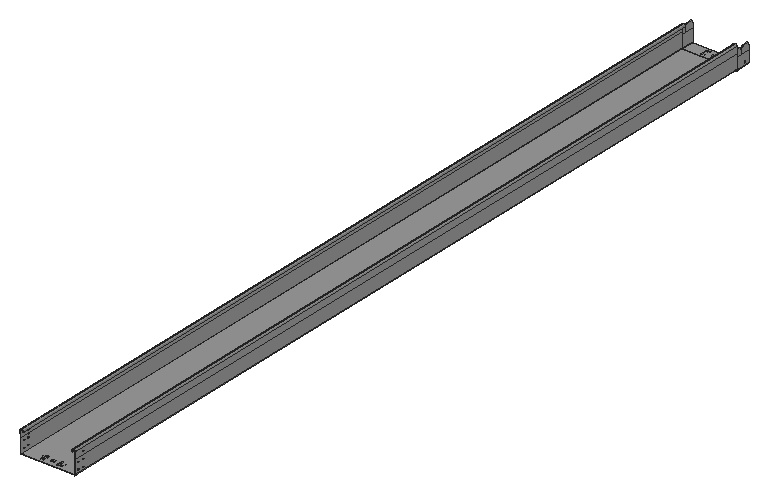
Revit family "SKSMUKabelrinne SKS-Magic® 85 ungelocht FS_FT_820", category Generic Models, Revit 2017
Family settings
  Can host rebar = No
  Round Connector Dimension = Use Diameter
  Part Type = Normal
  Work Plane-Based = No
  Always vertical = Yes
  Cut with Voids When Loaded = No
  Shared = No
  Room Calculation Point = No
Parameters (values of type "SKSMU 820 FT")
  Width 2 = 6.5 mm
  Width 1 = Width / 2  # 100 mm
  Width = 200 mm
  URL = "http://www.obo-bettermann.com"
  Material = Hot-dip galvanised
  Manufacturer Art.No. = "6059783"
  Manufacturer = "OBO BETTERMANN"
  Length 2 = 49.812 mm
  Length 1 = 3000 mm
  Length = 3050 mm
  Height = 85 mm
  GTIN = "4012195833581"
  Cut's number = 2
  Article Type = "SKSMU 820 FT"
Types (3, lengths in mm): name | Material | Manufacturer Art.No. | GTIN | Article Type
  (no name) | Hot-dip galvanised | "6059783" | "4012195833581" | "SKSMU 820 FT"
  SKSMU 820 FS | Strip-galvanised | "6059766" | "4012195833468" | "SKSMU 820 FS"
  SKSMU 820 FT | Hot-dip galvanised | "6059783" | "4012195833581" | "SKSMU 820 FT"
Reference planes
  plane 1 "Center (Front/Back)": y = 0
  plane 2: z = 0
  plane 3 "Center (Left/Right)": x = 0
  plane 4: x = -31
  plane 5: x = 31
  plane 6: z = -3.5
  plane 7: y = 3050
  plane 8: z = -5.8
  plane 9: x = -31
  plane 10: x = 31
  plane 11: z = -5.8
  plane 12: x = 0.74
  plane 13: y = 3024.58
  plane 14: y = 3024.58
  plane 15: x = -31
  plane 16: x = 31
  plane 17: x = 0
  plane 18: y = 3032.58
  plane 19: y = 3016.58
  plane 20 "2": x = -5
  plane 21 "1": y = 29.1
  plane 22: y = 21.1
  plane 23: x = 6
  plane 24: x = 6
  plane 25: x = -3
  plane 26: z = 83.7
  plane 27: z = -2.3
  plane 28: z = -2.3
  plane 29: z = 74.7
  plane 30: z = 71.45
  plane 31: z = 14
  plane 32: y = 14.7
  plane 33: z = 52.5
  plane 34: y = 35.85
  plane 35: z = 39
  plane 36: y = 14.7
  plane 37: z = 14
  plane 38: y = 35.533
  plane 39: z = 39
  plane 40: y = 35.533
  plane 41: z = 64
  plane 42: y = 35.533
  plane 43: y = 3035
  plane 44: z = 13.2
  plane 45: y = 3047
  plane 46: y = 3020
  plane 47: y = 3015
  plane 48: y = 3012
  plane 49: x = 104.99
Forms (mm)
  Extrusion 1, solid, material "Hot-dip galvanised" <- "Material"
    sketch origin (0, 0, 0) x (1, 0, 0) y (0, 0, 1)
      loop
        line (-97.715, 0) -> (97.503, 0)
        arc (97.503, 0) -> (99.269, 0.731) -> (100, 2.497) r 2.497
        line (100, 2.497) -> (100, 54.379) -> (100, 77.652)
        arc (100, 77.652) -> (94, 83.652) -> (88, 77.652) r 6
        line (88, 77.652) -> (88, 74.7) -> (89.5, 74.7) -> (89.5, 77.652)
        arc (89.5, 77.652) -> (94, 82.152) -> (98.5, 77.652) r 4.5
        line (98.5, 77.652) -> (98.5, 54.379) -> (98.5, 2.497)
        arc (98.5, 2.497) -> (98.208, 1.792) -> (97.503, 1.5) r 0.997
        line (97.503, 1.5) -> (-97.641, 1.5)
        arc (-97.641, 1.5) -> (-98.248, 1.752) -> (-98.5, 2.359) r 0.859
        line (-98.5, 2.359) -> (-98.5, 54.354) -> (-98.5, 77.765)
        arc (-98.5, 77.765) -> (-94, 82.265) -> (-89.5, 77.765) r 4.5
        line (-89.5, 77.765) -> (-89.5, 74.7) -> (-88.074, 74.7) -> (-88.074, 76.824)
        arc (-88.074, 76.824) -> (-93.528, 83.747) -> (-100, 77.765) r 6
        line (-100, 77.765) -> (-100, 54.354) -> (-100, 2.285)
        arc (-100, 2.285) -> (-99.331, 0.669) -> (-97.715, 0) r 2.285
    from 0 to -3000.188
  Extrusion 2, solid, material "Hot-dip galvanised" <- "Material"
    sketch origin (0, 0, 0) x (1, 0, 0) y (0, 0, 1)
      loop
        line (-100, 46.42) -> (-100, 71.48) -> (-102.3, 71.48) -> (-102.3, 46.45) -> (-102.3, 2.5)
        arc (-102.3, 2.5) -> (-100.894, -0.894) -> (-97.5, -2.3) r 4.8
        line (-97.5, -2.3) -> (97.5, -2.3)
        arc (97.5, -2.3) -> (100.894, -0.894) -> (102.3, 2.5) r 4.8
        line (102.3, 2.5) -> (102.3, 46.45) -> (102.3, 71.45) -> (100, 71.45) -> (100, 46.45) -> (100, 2.5)
        arc (100, 2.5) -> (99.268, 0.732) -> (97.5, 0) r 2.5
        line (97.5, 0) -> (-97.746, 0)
        arc (-97.746, 0) -> (-99.34, 0.66) -> (-100, 2.254) r 2.254
        line (-100, 2.254) -> (-100, 46.42)
    from -3050 to -3000.188
  Extrusion 3, solid
    sketch origin (0, 0, 0) x (1, 0, 0) y (0, 0, 1)
      loop
        line (-31.068, -5.761) -> (-21.09, 0) -> (-25.554, 0) -> (-31, -3.144) -> (-36.446, 0) -> (-41.046, 0) -> (-31.068, -5.761)
      loop
        line (31, -5.8) -> (41.046, 0) -> (36.446, 0) -> (31, -3.144) -> (25.554, 0) -> (20.954, 0) -> (31, -5.8)
    from -36.35 to -29.85
  Extrusion 4, solid
    sketch origin (0, 0, 0) x (1, 0, 0) y (0, 0, 1)
      loop
        line (-41.046, 0) -> (-31.068, -5.761) -> (-21.09, 0) -> (-25.554, 0) -> (-31, -3.144) -> (-36.446, 0) -> (-41.046, 0)
      loop
        line (20.954, 0) -> (31, -5.8) -> (41.046, 0) -> (36.446, 0) -> (31, -3.144) -> (25.554, 0) -> (20.954, 0)
    from -20.3 to -13.8
  Extrusion 5, void
    sketch origin (0, 0, 0) x (1, 0, 0) y (0, 1, 0)
      loop
        line (-36.446, 36.35) -> (-36.446, 29.85) -> (-25.554, 29.85) -> (-25.554, 36.35) -> (-36.446, 36.35)
      loop
        line (-36.446, 20.3) -> (-36.446, 13.8) -> (-25.554, 13.8) -> (-25.554, 20.3) -> (-36.446, 20.3)
      loop
        line (25.554, 36.35) -> (25.554, 29.85) -> (36.446, 29.85) -> (36.446, 36.35) -> (25.554, 36.35)
      loop
        line (25.554, 20.3) -> (25.554, 13.8) -> (36.446, 13.8) -> (36.446, 20.3) -> (25.554, 20.3)
    from 0 to 1.5
  Extrusion 6, void
    sketch origin (0, 0, 0) x (1, 0, 0) y (0, 1, 0)
      loop
        line (-7.26, 3028.08) -> (-7.26, 3021.08) -> (8.74, 3021.08) -> (8.74, 3028.08) -> (-7.26, 3028.08)
    from -2.3 to 0
  Extrusion 7, void
    sketch origin (0, 0, 0) x (1, 0, 0) y (0, 1, 0)
      loop
        line (23, 3036.38) -> (23, 3028.78) -> (39, 3028.78) -> (39, 3036.38) -> (23, 3036.38)
      loop
        line (23, 3020.341) -> (23, 3012.741) -> (39, 3012.741) -> (39, 3020.341) -> (23, 3020.341)
      loop
        line (-39, 3036.38) -> (-39, 3028.78) -> (-23, 3028.78) -> (-23, 3036.38) -> (-39, 3036.38)
      loop
        line (-39, 3020.341) -> (-39, 3012.741) -> (-23, 3012.741) -> (-23, 3020.341) -> (-39, 3020.341)
    from -2.3 to 0
  Extrusion 8, void
    sketch origin (0, 0, 0) x (1, 0, 0) y (0, 1, 0)
      loop
        arc (-6, 30.1) -> (-6.707, 29.807) -> (-7, 29.1) r 1
        line (-7, 29.1) -> (-7, 21.1)
        arc (-7, 21.1) -> (-6.707, 20.393) -> (-6, 20.1) r 1
        line (-6, 20.1) -> (6.045, 20.1)
        arc (6.045, 20.1) -> (7.064, 21.118) -> (6.045, 22.137) r 1.018
        line (6.045, 22.137) -> (-3.101, 23.098)
        arc (-3.101, 23.098) -> (-5, 25.276) -> (-2.758, 27.1) r 2.009
        line (-2.758, 27.1) -> (6.086, 28.111)
        arc (6.086, 28.111) -> (6.968, 29.159) -> (5.972, 30.1) r 0.997
        line (5.972, 30.1) -> (-6, 30.1)
    from 0 to 1.5
  Extrusion 9, void
    sketch origin (0, 0, 0) x (0, 1, 0) y (0, 0, 1)
      loop
        line (7.5, 17.5) -> (7.5, 10.5) -> (22.2, 10.5) -> (22.2, 17.5) -> (7.5, 17.5)
    from -100 to -98.5
  Extrusion 10, void
    sketch origin (0, 0, 0) x (0, 1, 0) y (0, 0, 1)
      loop
        line (39.85, 56.5) -> (31.85, 56.5) -> (31.85, 48.5) -> (39.85, 48.5) -> (39.85, 56.5)
    from -100 to -98.5
  Extrusion 11, void
    sketch origin (0, 0, 25) x (0, 1, 0) y (0, 0, 1)
      loop
        line (7.5, 17.5) -> (7.5, 10.5) -> (22.2, 10.5) -> (22.2, 17.5) -> (7.5, 17.5)
    from -100 to -98.5
  Extrusion 12, void
    sketch origin (0, 20.833, 0) x (0, 1, 0) y (0, 0, 1)
      loop
        line (7.5, 17.5) -> (7.5, 10.5) -> (22.2, 10.5) -> (22.2, 17.5) -> (7.5, 17.5)
    from -100 to -98.5
  Extrusion 13, void
    sketch origin (0, 20.833, 25) x (0, 1, 0) y (0, 0, 1)
      loop
        line (7.5, 17.5) -> (7.5, 10.5) -> (22.2, 10.5) -> (22.2, 17.5) -> (7.5, 17.5)
    from -100 to -98.5
  Extrusion 14, void
    sketch origin (0, 20.833, 50) x (0, 1, 0) y (0, 0, 1)
      loop
        line (7.5, 17.5) -> (7.5, 10.5) -> (22.2, 10.5) -> (22.2, 17.5) -> (7.5, 17.5)
    from -100 to -98.5
  Extrusion 15, void
    sketch origin (0, 0, 0) x (0, 1, 0) y (0, 0, 1)
      loop
        line (28.333, 67.5) -> (28.333, 60.5) -> (43.033, 60.5) -> (43.033, 67.5) -> (28.333, 67.5)
      loop
        line (7.5, 42.5) -> (7.5, 35.5) -> (22.2, 35.5) -> (22.2, 42.5) -> (7.5, 42.5)
      loop
        line (31.85, 56.5) -> (31.85, 48.5) -> (39.85, 48.5) -> (39.85, 56.5) -> (31.85, 56.5)
      loop
        line (28.333, 42.5) -> (28.333, 35.5) -> (43.033, 35.5) -> (43.033, 42.5) -> (28.333, 42.5)
      loop
        line (28.333, 17.5) -> (28.333, 10.5) -> (43.033, 10.5) -> (43.033, 17.5) -> (28.333, 17.5)
      loop
        line (7.5, 17.5) -> (7.5, 10.5) -> (22.2, 10.5) -> (22.2, 17.5) -> (7.5, 17.5)
    from 98.5 to 100
  Extrusion 16, void
    sketch origin (0, 0, 0) x (0, 1, 0) y (0, 0, 1)
      loop
        line (3031.5, 19.2) -> (3031.5, 7.2) -> (3038.5, 7.2) -> (3038.5, 19.2) -> (3031.5, 19.2)
    from -102.3 to -100
  Extrusion 17, void
    sketch origin (0, 0, 0) x (0, 1, 0) y (0, 0, 1)
      loop
        line (3047, 71.48) -> (3050, 63.238) -> (3050, 71.48) -> (3047, 71.48)
      loop
        line (3023.001, 71.48) -> (3000.188, 71.48) -> (3000.188, 68.942) -> (3012, 68.942) -> (3015, 60.699) -> (3015, 43.919) -> (3020, 43.919) -> (3020, 63.235) -> (3023.001, 71.48)
    from -102.3 to -100
  Extrusion 18, void
    sketch origin (0, 0, 0) x (0, 1, 0) y (0, 0, 1)
      loop
        line (3000.188, 71.45) -> (3000.188, 68.942) -> (3012, 68.942) -> (3015, 60.699) -> (3015, 43.919) -> (3020, 43.919) -> (3020, 63.235) -> (3022.99, 71.45) -> (3000.188, 71.45)
      loop
        line (3049.995, 71.45) -> (3046.927, 71.45) -> (3049.995, 63.02) -> (3049.995, 71.45)
      loop
        line (3031.5, 19.2) -> (3031.5, 7.2) -> (3038.5, 7.2) -> (3038.5, 19.2) -> (3031.5, 19.2)
    from 98.5 to 104.99
Cuts and joins
  Extrusion 5, Extrusion 8, Extrusion 9, Extrusion 10, Extrusion 11, Extrusion 12, Extrusion 13, Extrusion 14, Extrusion 15, Extrusion 17, Extrusion 18 cuts Extrusion 1
  Extrusion 6, Extrusion 7, Extrusion 16, Extrusion 17, Extrusion 18 cuts Extrusion 2
Dimensions and locks
  plane 3 "Center (Left/Right)" to plane 4 = 31 mm
  plane 5 to plane 3 "Center (Left/Right)" = 31 mm
  Extrusion 1 sketch curve to plane 6 = 3.5 mm
  "Width": Extrusion 1 sketch curve to Extrusion 1 sketch curve
  "Width 1": plane 3 "Center (Left/Right)" to Extrusion 1 sketch curve
  "Length": plane 1 "Center (Front/Back)" to plane 7
  locked: Extrusion 2 sketch curve to Extrusion 1 at 2.3  (x2)
  locked: Extrusion 2 to Extrusion 2 at 49.812
  locked: Extrusion 2 to plane 8 at 3.5
  locked: plane 3 "Center (Left/Right)" to plane 9 at 31
  locked: plane 10 to plane 3 "Center (Left/Right)" at 31
  "Width 2": Extrusion 3 to Extrusion 3
  locked: Extrusion 3 sketch curve to Extrusion 3 sketch curve at 2.232
  locked: Extrusion 3 sketch curve to Extrusion 3 sketch curve at 2.3  (x3)
  locked: Extrusion 3 to Extrusion 3 at 2.3  (x3)
  locked: Extrusion 3 to Extrusion 3 at 2.232
  locked: Extrusion 2 to plane 11 at 3.5
  locked: plane 3 "Center (Left/Right)" to Extrusion 4 sketch curve at 31.068
  locked: Extrusion 4 sketch curve to plane 3 "Center (Left/Right)" at 31
  "Width 2": Extrusion 4 to Extrusion 4
  locked: plane 7 to plane 13 at 25.42
  locked: Extrusion 6 sketch curve to Extrusion 6 sketch curve at 7
  locked: Extrusion 6 sketch curve to Extrusion 6 sketch curve at 16
  locked: plane 13 to Extrusion 6 sketch curve at 3.5
  locked: Extrusion 6 sketch curve to plane 12 at 8
  locked: plane 7 to plane 14 at 25.42
  locked: plane 15 to plane 17 at 31
  locked: plane 17 to plane 16 at 31
  locked: plane 18 to plane 14 at 8
  locked: plane 14 to plane 19 at 8
  locked: Extrusion 7 sketch curve to Extrusion 7 sketch curve at 7.6  (x2)
  locked: plane 18 to Extrusion 7 sketch curve at 3.8
  locked: Extrusion 7 sketch curve to Extrusion 7 sketch curve at 16  (x2)
  locked: plane 16 to Extrusion 7 sketch curve at 8
  locked: plane 19 to Extrusion 7 sketch curve at 3.761
  locked: plane 15 to Extrusion 7 sketch curve at 8
  locked: Extrusion 8 sketch curve to plane 3 "Center (Left/Right)" at 7
  locked: Extrusion 8 sketch curve to Extrusion 8 sketch curve at 10
  locked: Extrusion 8 sketch curve to Extrusion 8 sketch curve at 14.064
  locked: Extrusion 8 sketch curve to Extrusion 8 sketch curve at 13.97
  locked: Extrusion 8 sketch curve to plane 3 "Center (Left/Right)" at 5.007
  plane 26 to plane 28 = 86 mm
  locked: Extrusion 1 sketch curve to Extrusion 1 sketch curve at 11.926
  locked: Extrusion 1 sketch curve to Extrusion 1 sketch curve at 12
  locked: cut or joined group of Extrusion 2, Extrusion 6, Extrusion 7, Extrusion 16, Extrusion 17, Extrusion 18 to plane 30 at 73.75
  locked: Extrusion 9 sketch curve to Extrusion 9 sketch curve at 7
  locked: plane 31 to Extrusion 9 sketch curve at 3.5
  locked: plane 33 to level at 52.5
  locked: plane 34 to cut or joined group 1 (Extrusion 1, Extrusion 5, Extrusion 8, Extrusion 9, Extrusion 10, Extrusion 11, Extrusion 12, Extrusion 13, Extrusion 14, Extrusion 15, Extrusion 17, Extrusion 18) at 35.85
  locked: Extrusion 10 sketch curve to Extrusion 10 sketch curve at 8  (x2)
  locked: Extrusion 10 sketch curve to plane 34 at 4
  locked: plane 33 to Extrusion 10 sketch curve at 4
  locked: Extrusion 11 sketch curve to Extrusion 11 sketch curve at 7
  locked: plane 35 to Extrusion 11 sketch curve at 3.5
  locked: Extrusion 12 sketch curve to Extrusion 12 sketch curve at 7
  locked: plane 37 to Extrusion 12 sketch curve at 3.5
  locked: Extrusion 13 sketch curve to Extrusion 13 sketch curve at 7
  locked: plane 39 to Extrusion 13 sketch curve at 3.5
  locked: Extrusion 14 sketch curve to Extrusion 14 sketch curve at 7
  locked: plane 41 to Extrusion 14 sketch curve at 3.5
  locked: cut or joined group of Extrusion 2, Extrusion 6, Extrusion 7, Extrusion 16, Extrusion 17, Extrusion 18 to plane 44 at 15.5
  locked: plane 43 to cut or joined group of Extrusion 2, Extrusion 6, Extrusion 7, Extrusion 16, Extrusion 17, Extrusion 18 at 15
  locked: Extrusion 16 sketch curve to Extrusion 16 sketch curve at 12
  locked: plane 44 to Extrusion 16 sketch curve at 6
  locked: Extrusion 16 sketch curve to Extrusion 16 sketch curve at 7
  locked: Extrusion 16 sketch curve to plane 43 at 3.5
  plane 46 to plane 7 = 30 mm
  locked: plane 47 to Extrusion 17 sketch curve at 5
  Extrusion 17 sketch curve to plane 47 = 3 mm
  plane 48 to plane 47 = 3 mm
  locked: cut or joined group of Extrusion 2, Extrusion 6, Extrusion 7, Extrusion 16, Extrusion 17, Extrusion 18 to cut or joined group of Extrusion 2, Extrusion 6, Extrusion 7, Extrusion 16, Extrusion 17, Extrusion 18 at 5
  cut or joined group of Extrusion 2, Extrusion 6, Extrusion 7, Extrusion 16, Extrusion 17, Extrusion 18 to cut or joined group of Extrusion 2, Extrusion 6, Extrusion 7, Extrusion 16, Extrusion 17, Extrusion 18 = 7 mm
  locked: plane 49 to cut or joined group of Extrusion 2, Extrusion 6, Extrusion 7, Extrusion 16, Extrusion 17, Extrusion 18 at 2.69
  locked: Extrusion 3 sketch curve to Extrusion 3 sketch curve (angle 120.00°)  (x2)
  locked: Extrusion 3 to Extrusion 3 (angle 120.00°)  (x2)
  aligned and locked: level to plane 2
  aligned and locked: Extrusion 1 to level
  aligned and locked: Extrusion 1 to Extrusion 2 sketch curve  (x2)
  aligned and locked: Extrusion 2 sketch curve to level
  aligned and locked: plane 7 to Extrusion 2
  aligned and locked: Extrusion 2 to Extrusion 1
  aligned and locked: level to Extrusion 3 sketch curve  (x2)
  aligned and locked: Extrusion 3 sketch curve to plane 2  (x2)
  aligned and locked: Extrusion 3 to Extrusion 1  (x4)
  aligned and locked: Extrusion 4 sketch curve to level  (x4)
  aligned and locked: Extrusion 4 to Extrusion 1  (x4)
  aligned and locked: Extrusion 5 sketch curve to Extrusion 3  (x7)
  aligned and locked: Extrusion 5 sketch curve to Extrusion 4  (x8)
  aligned and locked: Extrusion 5 to level
  aligned and locked: Extrusion 2 to Extrusion 6
  aligned and locked: level to Extrusion 6
  aligned and locked: Extrusion 7 sketch curve to Extrusion 7 sketch curve  (x8)
  aligned and locked: Extrusion 2 to Extrusion 7
  aligned and locked: level to Extrusion 7
  aligned and locked: Extrusion 8 to level
  aligned and locked: Extrusion 1 to Extrusion 8
  aligned and locked: Extrusion 5 to Extrusion 8
  aligned and locked: plane 28 to plane 27
  aligned and locked: plane 29 to Extrusion 1 sketch curve
  aligned and locked: Extrusion 1 to cut or joined group of Extrusion 2, Extrusion 6, Extrusion 7, Extrusion 16, Extrusion 17, Extrusion 18  (x3)
  aligned and locked: cut or joined group of Extrusion 2, Extrusion 6, Extrusion 7, Extrusion 16, Extrusion 17, Extrusion 18 to Extrusion 1
  aligned and locked: Extrusion 1 to Extrusion 9  (x3)
  aligned and locked: Extrusion 1 to Extrusion 10
  aligned and locked: Extrusion 10 to Extrusion 1
  aligned and locked: Extrusion 9 to Extrusion 10
  aligned and locked: Extrusion 9 to cut or joined group of Extrusion 2, Extrusion 6, Extrusion 7, Extrusion 16, Extrusion 17, Extrusion 18
  aligned and locked: Extrusion 1 to Extrusion 13  (x2)
  aligned and locked: Extrusion 11 to Extrusion 10
  aligned and locked: Extrusion 10 to cut or joined group of Extrusion 2, Extrusion 6, Extrusion 7, Extrusion 16, Extrusion 17, Extrusion 18
  aligned and locked: Extrusion 1 to Extrusion 14
  aligned and locked: Extrusion 14 to Extrusion 1
  aligned and locked: Extrusion 15 sketch curve to cut or joined group 1  (x24)
  aligned and locked: Extrusion 15 to Extrusion 1
  aligned and locked: Extrusion 1 to Extrusion 15
  aligned and locked: Extrusion 2 to cut or joined group 1  (x2)
  aligned and locked: Extrusion 2 to Extrusion 16  (x2)
  aligned and locked: plane 47 to Extrusion 17 sketch curve
  aligned and locked: Extrusion 17 to Extrusion 1
  aligned and locked: Extrusion 17 to cut or joined group of Extrusion 2, Extrusion 6, Extrusion 7, Extrusion 16, Extrusion 17, Extrusion 18
  aligned and locked: Extrusion 18 sketch curve to cut or joined group of Extrusion 2, Extrusion 6, Extrusion 7, Extrusion 16, Extrusion 17, Extrusion 18  (x3)
  aligned and locked: Extrusion 18 to Extrusion 1
  aligned and locked: plane 49 to Extrusion 18
Automatic sketch dimensions
  Extrusion 3 sketch curve to plane 9 = 0 mm
  Extrusion 3 sketch curve to plane 10 = 0 mm  (x2)
  Extrusion 3 sketch curve to plane 8 = 0 mm
  plane 8 to Extrusion 3 sketch curve = 0.039 mm
  Extrusion 3 sketch curve to plane 9 = 0.068 mm
  Extrusion 4 sketch curve to Extrusion 4 sketch curve = 4.6 mm  (x3)
  Extrusion 4 sketch curve to level = 5.761 mm
  Extrusion 4 sketch curve to Extrusion 4 sketch curve = 5.378 mm
  Extrusion 4 sketch curve to level = 3.144 mm  (x2)
  Extrusion 4 sketch curve to Extrusion 4 sketch curve = 0.068 mm
  Extrusion 4 sketch curve to Extrusion 4 sketch curve = 5.446 mm  (x3)
  Extrusion 4 sketch curve to Extrusion 4 sketch curve = 4.464 mm
  Extrusion 4 sketch curve to level = 5.8 mm
  Extrusion 4 sketch curve to Extrusion 4 sketch curve = 0 mm
  Extrusion 8 sketch curve to plane 21 "1" = 0 mm
  Extrusion 8 sketch curve to plane 22 = 0 mm
  Extrusion 8 sketch curve to plane 25 = 0.101 mm
  plane 25 to Extrusion 8 sketch curve = 0.003 mm
  Extrusion 8 sketch curve to plane 23 = 0.028 mm
  plane 23 to Extrusion 8 sketch curve = 0.086 mm
  Extrusion 8 sketch curve to plane 22 = 0.018 mm
  Extrusion 8 sketch curve to plane 20 "2" = 1 mm
  plane 25 to Extrusion 8 sketch curve = 0.242 mm
  Extrusion 2 sketch curve to Extrusion 2 sketch curve = 0.246 mm  (x2)
  Extrusion 2 sketch curve to Extrusion 2 sketch curve = 0 mm  (x2)
  level to Extrusion 2 sketch curve = 2.254 mm
  Extrusion 2 sketch curve to Extrusion 2 sketch curve = 2.5 mm
  Extrusion 2 sketch curve to Extrusion 2 sketch curve = 25.03 mm
  Extrusion 2 sketch curve to plane 30 = 25 mm
  Extrusion 2 sketch curve to Extrusion 2 sketch curve = 0.03 mm
  Extrusion 2 sketch curve to plane 30 = 0 mm
  plane 30 to Extrusion 2 sketch curve = 0.03 mm
  Extrusion 5 sketch curve to Extrusion 5 sketch curve = 6.5 mm
  plane 32 to Extrusion 9 sketch curve = 7.5 mm
  Extrusion 9 sketch curve to plane 32 = 7.2 mm
  plane 36 to Extrusion 11 sketch curve = 7.5 mm
  Extrusion 11 sketch curve to plane 36 = 7.2 mm
  plane 38 to Extrusion 12 sketch curve = 7.5 mm
  Extrusion 12 sketch curve to plane 38 = 7.2 mm
  plane 40 to Extrusion 13 sketch curve = 7.5 mm
  Extrusion 13 sketch curve to plane 40 = 7.2 mm
  plane 42 to Extrusion 14 sketch curve = 7.5 mm
  Extrusion 14 sketch curve to plane 42 = 7.2 mm
  Extrusion 1 sketch curve to Extrusion 1 sketch curve = 0 mm  (x8)
  Extrusion 1 sketch curve to plane 29 = 0 mm
  Extrusion 1 sketch curve to Extrusion 1 sketch curve = 1.5 mm  (x2)
  Extrusion 1 sketch curve to Extrusion 1 sketch curve = 0.785 mm
  Extrusion 1 sketch curve to Extrusion 1 sketch curve = 0.074 mm
  plane 29 to Extrusion 1 sketch curve = 3.065 mm
  Extrusion 1 sketch curve to Extrusion 1 sketch curve = 4.5 mm
  Extrusion 1 sketch curve to Extrusion 1 sketch curve = 0.997 mm
  plane 33 to Extrusion 1 sketch curve = 1.854 mm
  plane 33 to Extrusion 1 sketch curve = 1.879 mm
  plane 29 to Extrusion 1 sketch curve = 2.952 mm
  plane 30 to Extrusion 17 sketch curve = 0.03 mm  (x2)
  Extrusion 17 sketch curve to plane 45 = 0 mm
  Extrusion 17 sketch curve to plane 7 = 0 mm
  Extrusion 17 sketch curve to plane 30 = 2.508 mm
  Extrusion 17 sketch curve to plane 48 = 11.812 mm
  Extrusion 17 sketch curve to plane 30 = 8.212 mm
  Extrusion 17 sketch curve to plane 30 = 8.215 mm
  Extrusion 17 sketch curve to Extrusion 17 sketch curve = 2.536 mm
  Extrusion 17 sketch curve to plane 33 = 8.581 mm
  plane 46 to Extrusion 17 sketch curve = 3.001 mm
  Extrusion 18 sketch curve to plane 30 = 0 mm  (x2)
  plane 33 to Extrusion 18 sketch curve = 8.199 mm
  Extrusion 18 sketch curve to Extrusion 18 sketch curve = 5 mm
  Extrusion 18 sketch curve to plane 30 = 2.508 mm
  Extrusion 18 sketch curve to Extrusion 18 sketch curve = 3 mm
  Extrusion 18 sketch curve to Extrusion 18 sketch curve = 11.812 mm
  Extrusion 18 sketch curve to plane 7 = 11.5 mm
  Extrusion 18 sketch curve to plane 7 = 3.073 mm
  Extrusion 18 sketch curve to plane 7 = 0.005 mm
  level to Extrusion 18 sketch curve = 19.2 mm
  level to Extrusion 18 sketch curve = 7.2 mm
  Extrusion 18 sketch curve to plane 30 = 8.43 mm
  Extrusion 18 sketch curve to Extrusion 18 sketch curve = 7 mm
